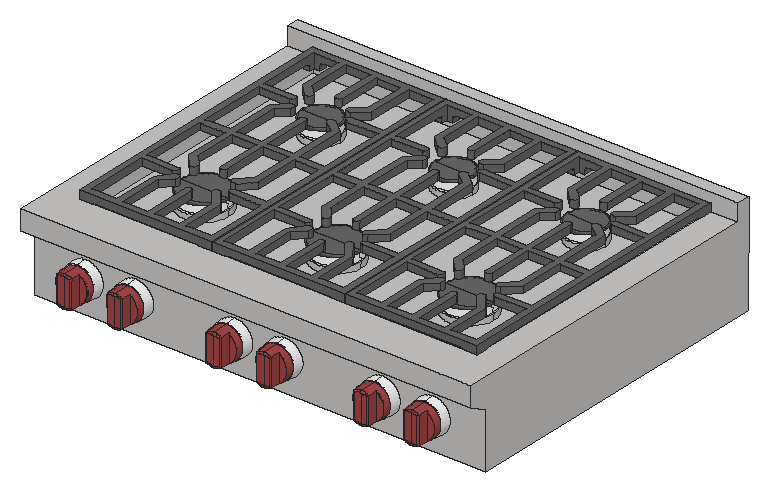
Revit family "15787855bd734dbc9c230706f8046d9d", category Specialty Equipment, Revit 2021
Family settings
  Round Connector Dimension = Use Diameter
  Part Type = Normal
  OmniClass Number = 23.40.40.14
  OmniClass Title = Food Service Equipment
  Work Plane-Based = No
  Always vertical = Yes
  Cut with Voids When Loaded = No
  Shared = No
  Room Calculation Point = No
Parameters (values of type "Burners")
  Width = 2' - 11 7/8"
  Wall Offset = 0' - 0"
  Voltage = 120 V
  Type Comments = ""
  Trim Finish = Appliance - Chrome
  Show Label = yes
  Power Consumption = 500 VA
  Label = "Rangetop"
  Knob Offset = if((Center Burners), 0' 2", 0' 0")  # 0' - 2"
  Knob = Appliance - Plastic - Red
  Height = 0' - 8 1/8"
  Griddle = Appliance - Stainless Steel - Brushed
  Grate Width = (Width - 0' 4 1/4") / 3 - 0' 0 1/32" + 0' 0 1/32"  # 0' - 10.54167"
  Grate Depth = Depth - 0' 4 79/256"  # 1' - 11.25046"
  Description = "Rangetop"
  Depth = 2' - 3.55906"
  Default Elevation = 0' - 0"
  Center Grate = Cook Surface : Burners
  Center Burners = yes
  Burner = Appliance - Burner Cover
  Assembly Code = "E1090320"
  Appliance Finish = Appliance - Stainless Steel - Semi-Polished
  Amperage = Power Consumption / Voltage  # 4.16667 A
Types (3): name | Knob Offset | Grate Depth | Depth | Center Grate | Center Burners
  Burners | 0' - 2" | 1' - 11.25046" | 2' - 3.55906" | Cook Surface : Burners | yes
  Griddle | 0' - 0" | 1' - 11 1/4" | 2' - 3 143/256" | Cook Surface : Griddle | no
  Grill | 0' - 0" | 1' - 11.25046" | 2' - 3.55906" | Cook Surface : Grill | no
Reference planes (in)
  plane 1 "Back": y = 0
  plane 2: z = 0
  plane 3 "Center (Left/Right)": x = 0
  plane 4 "Left": x = -17.9375
  plane 5 "Right": x = 17.9375
  plane 6: y = 0
  plane 7 "Edge": y = -27.55906
  plane 8 "Door Back": y = -24.25197
  plane 9 "Top": z = 8.125
  plane 10 "Burner": z = 6.74705
  plane 11 "Knobs": z = 2.5908
  plane 12 "Door Face": y = -26.14173
  plane 13 "Wheels": y = -4.72441
  plane 14: x = 15.75
  plane 15 "3": x = -15.875
  plane 16: x = -17.9375
  plane 17: x = -2
  plane 18: x = -13.875
  plane 19: x = -9.875
  plane 20: x = 13.75
  plane 21: x = 9.75
  plane 22: z = 5.48957
  plane 23: x = -17.9375
  plane 24: x = 0
  plane 25: y = -37.55906
  plane 26 "1": x = -5.33333
  plane 27 "2": x = 5.20833
  plane 28: y = -2.5
  plane 29: x = 13.4375
  plane 30: x = 10.9375
Forms (in)
  Extrusion 1, void
    sketch origin (0, 0, 8.125) x (-1, 0, 0) y (0, -1, 0)
      loop
        line (15.875, 1) -> (15.875, 24.25197) -> (-15.75, 24.25197) -> (-15.75, 1) -> (15.875, 1)
    from 0 to -2.63543
  Extrusion 2, solid, material "Appliance - Stainless Steel - Semi-Polished" <- "Appliance Finish"
    sketch origin (0, 0, 0) x (0, 1, 0) y (0, 0, 1)
      loop
        line (-1, 8.125) -> (-1, 6.74705) -> (-27.55906, 6.74705) -> (-27.55906, 5.17224) -> (-26.14173, 4.38484) -> (-26.14173, 0) -> (0, 0) -> (0, 8.125) -> (-1, 8.125)
    from -17.9375 to 17.9375
Cuts and joins
  Extrusion 1 cuts Extrusion 2
Lines and regions (in)
  Split face 1
    outline origin (17.9375, 0, 0) x (-1, 0, 0) y (0, 0, 1)
      loop
        circle (5.69799, 4.72441) r 0.5
  Split face 2
    outline origin (17.9375, 0, 0) x (-1, 0, 0) y (0, 0, 1)
      loop
        circle (9.17502, 4.72441) r 0.5
  Split face 3
    outline origin (17.9375, -26.14173, 0) x (0, 1, 0) y (-1, 0, 0)
      loop
        circle (23.64173, 4.1875) r 0.25
  Split face 4
    outline origin (17.9375, -26.14173, 0) x (0, 1, 0) y (-1, 0, 0)
      loop
        circle (23.64173, 7) r 0.25
Dimensions and locks (in)
  equal spacing: plane 4 "Left", plane 3 "Center (Left/Right)", plane 5 "Right"
  "Width": plane 4 "Left" to plane 5 "Right"
  "Depth": plane 6 to plane 7 "Edge"
  "Wall Offset": plane 1 "Back" to plane 6
  locked: plane 8 "Door Back" to plane 7 "Edge" at 3.30709
  locked: plane 9 "Top" to plane 10 "Burner" at 1.37795
  locked: plane 10 "Burner" to plane 11 "Knobs" at 4.15625
  locked: plane 6 to Extrusion 2 sketch curve at 1
  plane 6 to Extrusion 1 sketch curve = 0' - 1"
  locked: plane 7 "Edge" to plane 12 "Door Face" at 1.41732
  plane 6 to plane 13 "Wheels" = 0' - 4.72441"
  locked: plane 14 to plane 5 "Right" at 2.1875
  plane 4 "Left" to plane 15 "3" = 0' - 2 1/16"
  "Width": plane 5 "Right" to plane 16
  plane 15 "3" to plane 17 to plane 14 = 1' - 1 7/8", 1' - 5 3/4"
  locked: plane 9 "Top" to plane 22 at 2.63543
  equal spacing: plane 4 "Left", plane 23, plane 16
  equal spacing: plane 16, plane 24, plane 5 "Right"
  locked: plane 7 "Edge" to plane 25 at 10
  plane 15 "3" to plane 26 "1" to plane 14 = 0' - 10.54167", 1' - 9.08333"  (x2)
  plane 18 to plane 19 = 0' - 4"
  equal spacing: plane 15 "3", plane 26 "1", plane 27 "2", plane 14
  locked: plane 23 to plane 15 "3" at 2.0625
  "Height": plane 9 "Top" to plane 2
  plane 19 to plane 18 to plane 15 "3" = 0' - 4" locked, 0' - 2" locked
  plane 14 to plane 20 to plane 21 = 0' - 2" locked, 0' - 4" locked
  "Knob Offset": plane 3 "Center (Left/Right)" to plane 17
  locked: nested 3 to plane 3 "Center (Left/Right)" at 2
  locked: plane 6 to plane 28 at 2.5
  locked: plane 29 to plane 5 "Right" at 4.5
  locked: plane 30 to plane 29 at 2.5
  radius of Split face 3 sketch curve = 0' - 0 1/4"
  radius of Split face 4 sketch curve = 0' - 0 1/4"
  aligned and locked: plane 2 to level
  aligned and locked: plane 9 "Top" to Extrusion 2 sketch curve
  aligned and locked: plane 5 "Right" to Extrusion 2
  aligned and locked: Extrusion 2 to plane 4 "Left"
  aligned and locked: Extrusion 2 sketch curve to plane 12 "Door Face"
  aligned and locked: plane 7 "Edge" to Extrusion 2 sketch curve
  aligned and locked: plane 10 "Burner" to Extrusion 2 sketch curve
  aligned and locked: Extrusion 2 sketch curve to plane 6
  aligned and locked: plane 12 "Door Face" to nested 2
  aligned and locked: plane 12 "Door Face" to nested 3
  aligned and locked: plane 12 "Door Face" to nested 4
  aligned and locked: nested 2 to plane 11 "Knobs"
  aligned and locked: nested 3 to plane 11 "Knobs"
  aligned and locked: nested 4 to plane 11 "Knobs"
  aligned and locked: plane 12 "Door Face" to nested 5
  aligned and locked: nested 5 to plane 11 "Knobs"
  aligned and locked: plane 15 "3" to Extrusion 1 sketch curve
  aligned and locked: Extrusion 1 sketch curve to plane 14
  aligned and locked: nested 6 to plane 8 "Door Back"
  aligned and locked: nested 7 to plane 11 "Knobs"
  aligned and locked: nested 8 to plane 11 "Knobs"
  aligned and locked: nested 8 to plane 12 "Door Face"
  aligned and locked: nested 7 to plane 12 "Door Face"
  aligned and locked: plane 18 to nested 5
  aligned and locked: plane 19 to nested 4
  aligned and locked: plane 20 to nested 7
  aligned and locked: plane 21 to nested 2
  aligned and locked: plane 22 to nested 6
  aligned and locked: nested 1 to plane 25
  aligned and locked: nested 6 to plane 15 "3"
  aligned and locked: plane 26 "1" to nested 9
  aligned and locked: plane 27 "2" to nested 10
  aligned and locked: plane 8 "Door Back" to nested 9
  aligned and locked: plane 8 "Door Back" to nested 10
  aligned and locked: plane 22 to nested 9
  aligned and locked: plane 22 to nested 10
  aligned and locked: plane 3 "Center (Left/Right)" to nested 1
  aligned and locked: cut or joined group of Extrusion 1, Extrusion 2 to plane 2
  aligned and locked: plane 17 to nested 8
Automatic sketch dimensions
  Extrusion 1 sketch curve to plane 8 "Door Back" = 0' - 0"
  Extrusion 2 sketch curve to plane 10 "Burner" = 0' - 2.3622"
  Extrusion 2 sketch curve to Extrusion 2 sketch curve = 0' - 1.5748"
  Split face 1 sketch curve to cut or joined group of Extrusion 1, Extrusion 2 = 0' - 5.69799"
  Split face 1 sketch curve to cut or joined group of Extrusion 1, Extrusion 2 = 0' - 4.72441"
  Split face 2 sketch curve to cut or joined group of Extrusion 1, Extrusion 2 = 0' - 9.17502"
  Split face 2 sketch curve to cut or joined group of Extrusion 1, Extrusion 2 = 0' - 4.72441"
  level to Extrusion 2 sketch curve = 0' - 0"
  Split face 3 sketch curve to cut or joined group of Extrusion 1, Extrusion 2 = 0' - 2 1/2"
  Split face 3 sketch curve to cut or joined group of Extrusion 1, Extrusion 2 = 0' - 4 3/16"
  Split face 4 sketch curve to cut or joined group of Extrusion 1, Extrusion 2 = 0' - 2 1/2"
  Split face 4 sketch curve to cut or joined group of Extrusion 1, Extrusion 2 = 0' - 7"
  radius of Split face 1 sketch curve = 0' - 0 1/2"
  radius of Split face 2 sketch curve = 0' - 0 1/2"
Nested families (in)
  nested 1: "Label Annotation 3-32" at (0, -37.55906, 0), visible <- "Show Label", type "Label Annotation 3-32"
  nested 2: "Knob" at (9.75, -26.14173, 2.5908), type "Knob", detail levels medium+fine
  nested 3: "Knob" at (2, -26.14173, 2.5908), visible <- "Center Burners", type "Knob", detail levels medium+fine
  nested 4: "Knob" at (-9.875, -26.14173, 2.5908), type "Knob", detail levels medium+fine
  nested 5: "Knob" at (-13.875, -26.14173, 2.5908), type "Knob", detail levels medium+fine
  nested 6: "Cook Surface" at (-10.59751, -12.62674, 5.48957), type "Burners"
  nested 7: "Knob" at (13.75, -26.14173, 2.5908), type "Knob", detail levels medium+fine
  nested 8: "Knob" at (-2, -26.14173, 2.5908), type "Knob", detail levels medium+fine
  nested 9: "Cook Surface" at (-0.05585, -12.62674, 5.48957), type <- "Center Grate", type "Burners"
  nested 10: "Cook Surface" at (10.48582, -12.62674, 5.48957), type "Burners"
Connectors (in)
  electrical at (13.75, -2.5, 0), driven by "Voltage", driven by "Power Consumption"
    settings: on cut or joined group of Extrusion 1, Extrusion 2, index 1, voltage 120 V, apparent load 500 VA, apparent load phase1 0 VA, apparent load phase2 0 VA, apparent load phase3 0 VA, power factor 1, load classification "Appliance", number of poles 1, system type 30, power factor state 1, is connector primary yes, connector utility no, sub classification motor no, connector description "Rangetop Power"
  piping at (10.9375, -2.5, 0), diameter 0.5
    settings: on cut or joined group of Extrusion 1, Extrusion 2, index 2, connector inside diameter 24", connector length 0' - 0", flow factor 0, pipe flow 0 GPM, pressure drop 0.00 psi, fitting loss kfactor 0, connector angle 0.00°, fixture units 0, engagement length 0' - 0", angle of deflection 0.00°, flow configuration 1, flow direction 1, fitting loss method 0, system type 22, joint type 0, gender type 0, connector reference index -1, connector utility 0, adjustable connector no, is connector primary yes, connector description "Rangetop Gas"
Definition of nested family "Knob"
  Parameters
    Material = none
    Default Elevation = 0' - 0"
    Bezel Material = none
  Reference planes (in)
    plane 1 "Center (Front/Back)": y = 0
    plane 2: z = 0
    plane 3 "Center (Left/Right)": x = 0
    plane 4: y = -1.37795
    plane 5: y = -2.16535
  Forms (in)
    Revolve 1, solid, material <- "Material"
      sketch origin (0, 0, 0) x (0, 1, 0) y (0, 0, 1)
        loop
          line (0, 1.37795) -> (-0.7874, 1.29921) -> (-0.7874, 1.25984) -> (-2.07428, 1.22307)
          arc (-2.07428, 1.22307) -> (-2.13884, 1.1947) -> (-2.16535, 1.12936) r 0.09375
          line (-2.16535, 1.12936) -> (-2.16535, 0) -> (0, 0) -> (0, 1.37795)
        axis (0, 0) -> (-2.16535, 0)
      angle from 0 to 360
    Extrusion 2, void
      sketch origin (0, 0, 0) x (1, 0, 0) y (0, 1, 0)
        loop
          line (1.24297, -1.37795) -> (0.59055, -1.37795) -> (0.59055, -2.0716)
          arc (0.59055, -2.0716) -> (0.56309, -2.1379) -> (0.4968, -2.16535) r 0.09375
          line (0.4968, -2.16535) -> (1.24297, -2.16535) -> (1.24297, -1.37795)
        loop
          line (-1.24297, -1.37795) -> (-1.24297, -2.16535) -> (-0.4968, -2.16535)
          arc (-0.4968, -2.16535) -> (-0.56309, -2.1379) -> (-0.59055, -2.0716) r 0.09375
          line (-0.59055, -2.0716) -> (-0.59055, -1.37795) -> (-1.24297, -1.37795)
      from -1.36823 to 1.44523
  Cuts and joins
    Extrusion 2 cuts Revolve 1
  Dimensions and locks (in)
    plane 5 to plane 4 to plane 1 "Center (Front/Back)" = 0' - 0.7874" locked, 0' - 1.37795" locked
    aligned and locked: plane 2 to level
    aligned and locked: Revolve 1 sketch curve to level
    aligned and locked: plane 4 to Extrusion 2 sketch curve
    aligned and locked: Extrusion 2 sketch curve to plane 5
Definition of nested family "Cook Surface"
  Parameters (values of type "Grill")
    ShowGrate = no
    Show Base = yes
    Has Grill = yes
    Has Griddle = no
    Griddle Right Extension = 0' - 1.27352"
    Griddle Left Extension = 0' - 0.83367"
    Griddle = none
    Grate Width = 0' - 10.54167"
    Grate Thickness = 0' - 0 1/2"
    Grate Depth = 1' - 11.25046"
    Grate = none
    Default Elevation = 0' - 0"
    Burner = none
    Has Burners = no
    Show Burners = no
  Types (3): name | ShowGrate | Show Base | Has Grill | Has Griddle | Griddle Right Extension | Griddle Left Extension | Grate Thickness | Has Burners | Show Burners
    Burners | yes | no | no | no | 0' - 0 1/8" | 0' - 0 1/8" | 0' - 0 1/2" | yes | yes
    Grill | no | yes | yes | no | 0' - 1.27352" | 0' - 0.83367" | 0' - 0 1/2" | no | no
    Griddle | no | no | no | yes | 0' - 0 1/8" | 0' - 0 1/8" | 0' - 0.57023" | no | no
  Reference planes (in)
    plane 1 "Center (Front/Back)": y = 0
    plane 2 "Bottom": z = 0
    plane 3 "Center (Left/Right)": x = -0.00665
    plane 4 "T.O. Burner": z = 1.34217
    plane 5 "Back Burner": y = 5.81262
    plane 6 "Front Burner": y = -5.81262
    plane 7: z = 2.43858
    plane 8 "B.O. Grate": z = 0
    plane 9 "T.O. Pan": z = 0.76772
    plane 10 "Back": y = 11.62523
    plane 11 "Front": y = -11.62523
    plane 12 "Left": x = -5.27749
    plane 13 "Right": x = 5.26418
    plane 14 "Surface Bottom": z = 1.8783
    plane 15: x = -2.76707
    plane 16: x = 2.25376
    plane 17: x = 4.76418
    plane 18: x = -4.77749
    plane 19: y = 11.06273
    plane 20: y = 6.06262
    plane 21: y = 0.25
    plane 22: y = -0.25
    plane 23: y = -11.06273
    plane 24: x = -2.26707
    plane 25: x = 2.75376
    plane 26: x = -0.27228
    plane 27: x = 0.24335
    plane 28: y = 5.56262
    plane 29: y = -5.56262
    plane 30: y = -6.06262
    plane 31: x = -4.44381
    plane 32: x = 3.99066
  Forms (in)
    Extrusion 1, void
      sketch origin (17.08036, 13.77842, -33.41886) x (1, 0, 0) y (0, 0, 1)
        loop
          arc (-12.81618, 34.51103) -> (-12.8894, 34.6878) -> (-13.06618, 34.76103) r 0.25
          line (-13.06618, 34.76103) -> (-21.10784, 34.76103)
          arc (-21.10784, 34.76103) -> (-21.28462, 34.6878) -> (-21.35784, 34.51103) r 0.25
          line (-21.35784, 34.51103) -> (-21.35784, 34.18658) -> (-12.81618, 34.18658) -> (-12.81618, 34.51103)
      from 2.15342 to 27.35634
    Extrusion 2, void
      sketch origin (17.08036, 13.77842, -33.41886) x (0, 1, 0) y (0, 0, 1)
        loop
          arc (-3.15319, 34.51103) -> (-3.22641, 34.6878) -> (-3.40319, 34.76103) r 0.25
          line (-3.40319, 34.76103) -> (-24.15365, 34.76103)
          arc (-24.15365, 34.76103) -> (-24.33043, 34.6878) -> (-24.40365, 34.51103) r 0.25
          line (-24.40365, 34.51103) -> (-24.40365, 34.18658) -> (-3.15319, 34.18658) -> (-3.15319, 34.51103)
      from -22.35784 to -11.81618
    Revolve 3, solid, material <- "Burner", visible <- "Show Burners"
      sketch origin (0.0625, 5.81262, -33.41886) x (1, 0, 0) y (0, 0, 1)
        loop
          line (-0.06915, 33.41886) -> (-0.06915, 34.73414) -> (-1.53659, 34.73414)
          arc (-1.53659, 34.73414) -> (-1.6119, 34.65884) -> (-1.53659, 34.58353) r 0.07531
          line (-1.53659, 34.58353) -> (-1.42618, 34.58353) -> (-1.53143, 33.96435) -> (-1.60728, 33.86325) -> (-1.60728, 33.41886) -> (-0.06915, 33.41886)
        axis (-0.06915, 34.73414) -> (-0.06915, 33.41886)
      angle from 0 to 360
    Revolve 4, solid, material <- "Burner", visible <- "Show Burners"
      sketch origin (0, -5.81262, -33.41886) x (1, 0, 0) y (0, 0, 1)
        loop
          line (-0.00665, 33.41886) -> (-0.00665, 34.73414) -> (-1.89597, 34.73414)
          arc (-1.89597, 34.73414) -> (-1.97127, 34.65884) -> (-1.89597, 34.58353) r 0.07531
          line (-1.89597, 34.58353) -> (-1.78555, 34.58353) -> (-1.89081, 33.96435) -> (-1.96666, 33.86325) -> (-1.96666, 33.41886) -> (-0.00665, 33.41886)
        axis (-0.00665, 34.73414) -> (-0.00665, 33.41886)
      angle from 0 to 360
    Extrusion 5, solid, material <- "Grate", visible <- "Show Base", detail levels medium+fine
      sketch origin (0, 0, 0.76772) x (-1, 0, 0) y (0, -1, 0)
        loop
          line (5.27749, -11.62523) -> (5.27749, 11.62523) -> (-5.26418, 11.62523) -> (-5.26418, -11.62523) -> (5.27749, -11.62523)
        loop
          line (4.45725, -10.805) -> (4.45725, 10.805) -> (-4.45168, 10.805) -> (-4.45168, -10.805) -> (4.45725, -10.805)
      from 0 to 1.11058
    Extrusion 6, solid, material <- "Grate", visible <- "Has Grill"
      sketch origin (0, 0, 0) x (1, 0, 0) y (0, 0, 1)
        loop
          line (-5.27749, 1.8783) -> (-4.85071, 1.8783) -> (-4.85071, 2.2618) -> (-5.02749, 2.43858) -> (-5.27749, 2.43858) -> (-5.27749, 1.8783)
        loop
          line (0.1487, 1.8783) -> (0.1487, 2.43858) -> (-0.16201, 2.43858) -> (-0.16201, 1.8783) -> (0.1487, 1.8783)
        loop
          line (-0.47271, 1.8783) -> (-0.47271, 2.43858) -> (-0.78341, 2.43858) -> (-0.78341, 1.8783) -> (-0.47271, 1.8783)
        loop
          line (-1.09412, 1.8783) -> (-1.09412, 2.43858) -> (-1.40482, 2.43858) -> (-1.40482, 1.8783) -> (-1.09412, 1.8783)
        loop
          line (-1.71553, 1.8783) -> (-1.71553, 2.43858) -> (-2.02623, 2.43858) -> (-2.02623, 1.8783) -> (-1.71553, 1.8783)
        loop
          line (-2.33693, 1.8783) -> (-2.33693, 2.43858) -> (-2.64764, 2.43858) -> (-2.64764, 1.8783) -> (-2.33693, 1.8783)
        loop
          line (-2.95834, 1.8783) -> (-2.95834, 2.43858) -> (-3.26905, 2.43858) -> (-3.26905, 1.8783) -> (-2.95834, 1.8783)
        loop
          line (-3.57975, 1.8783) -> (-3.57975, 2.43858) -> (-3.89045, 2.43858) -> (-3.89045, 1.8783) -> (-3.57975, 1.8783)
        loop
          line (-4.20116, 1.8783) -> (-4.20116, 2.43858) -> (-4.51186, 2.43858) -> (-4.51186, 1.8783) -> (-4.20116, 1.8783)
        loop
          line (5.26418, 1.8783) -> (5.26418, 2.43858) -> (5.01418, 2.43858) -> (4.8374, 2.2618) -> (4.8374, 1.8783) -> (5.26418, 1.8783)
        loop
          line (0.4594, 1.8783) -> (0.77011, 1.8783) -> (0.77011, 2.43858) -> (0.4594, 2.43858) -> (0.4594, 1.8783)
        loop
          line (1.08081, 1.8783) -> (1.39151, 1.8783) -> (1.39151, 2.43858) -> (1.08081, 2.43858) -> (1.08081, 1.8783)
        loop
          line (1.70222, 1.8783) -> (2.01292, 1.8783) -> (2.01292, 2.43858) -> (1.70222, 2.43858) -> (1.70222, 1.8783)
        loop
          line (2.32363, 1.8783) -> (2.63433, 1.8783) -> (2.63433, 2.43858) -> (2.32363, 2.43858) -> (2.32363, 1.8783)
        loop
          line (2.94503, 1.8783) -> (3.25574, 1.8783) -> (3.25574, 2.43858) -> (2.94503, 2.43858) -> (2.94503, 1.8783)
        loop
          line (3.56644, 1.8783) -> (3.87715, 1.8783) -> (3.87715, 2.43858) -> (3.56644, 2.43858) -> (3.56644, 1.8783)
        loop
          line (4.18785, 1.8783) -> (4.49856, 1.8783) -> (4.49856, 2.43858) -> (4.18785, 2.43858) -> (4.18785, 1.8783)
      from -11.62523 to 11.62523
    Extrusion 7, solid, material <- "Griddle", visible <- "Has Griddle"
      sketch origin (0, 0, 0.76772) x (-1, 0, 0) y (0, -1, 0)
        loop
          line (5.27749, -11.62523) -> (5.27749, 11.62523) -> (-5.26418, 11.62523) -> (-5.26418, -11.62523) -> (5.27749, -11.62523)
      from 0 to 1.67086
    Extrusion 8, void
      sketch origin (-0.00665, 0, 0) x (0, 1, 0) y (0, 0, 1)
        loop
          line (11.50023, 2.43858) -> (-11.50023, 2.43858) -> (-11.50023, 1.34217) -> (-9.75023, 1.34217) -> (-9.75023, 1.8783) -> (11.50023, 1.8783) -> (11.50023, 2.43858)
      from -4.43716 to 3.99732
    Extrusion 9, solid, material <- "Grate", visible <- "ShowGrate", detail levels fine
      sketch origin (0, 0, 0.76772) x (-1, 0, 0) y (0, -1, 0)
        loop
          line (5.27749, -11.62523) -> (5.27749, 11.62523) -> (-5.26418, 11.62523) -> (-5.26418, -11.62523) -> (5.27749, -11.62523)
        loop
          line (4.77749, -11.06273) -> (4.77749, -6.06262) -> (2.26707, -6.06262)
          arc (2.26707, -6.06262) -> (2.01707, -5.81262) -> (2.26707, -5.56262) r 0.25
          line (2.26707, -5.56262) -> (4.77749, -5.56262) -> (4.77749, -0.25) -> (2.76707, -0.25) -> (2.76707, -4.17988) -> (1.89391, -5.04238)
          arc (1.89391, -5.04238) -> (1.49616, -5.04238) -> (1.49616, -4.64463) r 0.28125
          line (1.49616, -4.64463) -> (2.26707, -3.94689) -> (2.26707, -0.25) -> (0.27228, -0.25) -> (0.27228, -3.98172)
          arc (0.27228, -3.98172) -> (0.01447, -4.23953) -> (-0.24335, -3.98172) r 0.25781
          line (-0.24335, -3.98172) -> (-0.24335, -0.25) -> (-2.25376, -0.25) -> (-2.25376, -3.94689) -> (-1.35786, -4.64463)
          arc (-1.35786, -4.64463) -> (-1.35786, -5.04238) -> (-1.7556, -5.04238) r 0.28125
          line (-1.7556, -5.04238) -> (-2.75376, -4.17988) -> (-2.75376, -0.25) -> (-4.77191, -0.25) -> (-4.77191, -5.56262) -> (-2.25376, -5.56262)
          arc (-2.25376, -5.56262) -> (-2.00376, -5.81262) -> (-2.25376, -6.06262) r 0.25
          line (-2.25376, -6.06262) -> (-4.77191, -6.06262) -> (-4.77191, -11.06273) -> (-2.75376, -11.06273) -> (-2.75376, -7.44535) -> (-1.7556, -6.58285)
          arc (-1.7556, -6.58285) -> (-1.35786, -6.58285) -> (-1.35786, -6.9806) r 0.28125
          line (-1.35786, -6.9806) -> (-2.25376, -7.67834) -> (-2.25376, -11.06273) -> (-0.24335, -11.06273) -> (-0.24335, -7.64351)
          arc (-0.24335, -7.64351) -> (0.01447, -7.3857) -> (0.27228, -7.64351) r 0.25781
          line (0.27228, -7.64351) -> (0.27228, -11.06273) -> (2.26707, -11.06273) -> (2.26707, -7.67834) -> (1.49616, -6.9806)
          arc (1.49616, -6.9806) -> (1.49616, -6.58285) -> (1.89391, -6.58285) r 0.28125
          line (1.89391, -6.58285) -> (2.76707, -7.44535) -> (2.76707, -11.06273) -> (4.77749, -11.06273)
        loop
          line (4.77749, 11.07046) -> (2.76707, 11.07046) -> (2.76707, 7.3952) -> (1.89391, 6.33454)
          arc (1.89391, 6.33454) -> (1.49616, 6.33454) -> (1.49616, 6.73229) r 0.28125
          line (1.49616, 6.73229) -> (2.26707, 7.6282) -> (2.26707, 11.07046) -> (0.27228, 11.07046) -> (0.27228, 7.3952)
          arc (0.27228, 7.3952) -> (0.01447, 7.13739) -> (-0.24335, 7.3952) r 0.25781
          line (-0.24335, 7.3952) -> (-0.24335, 11.07046) -> (-2.25376, 11.07046) -> (-2.25376, 7.86584) -> (-1.35786, 6.73229)
          arc (-1.35786, 6.73229) -> (-1.35786, 6.33454) -> (-1.7556, 6.33454) r 0.28125
          line (-1.7556, 6.33454) -> (-2.75376, 7.63285) -> (-2.75376, 11.07046) -> (-4.77191, 11.07046) -> (-4.77191, 6.06262) -> (-2.25376, 6.06262)
          arc (-2.25376, 6.06262) -> (-2.00376, 5.81262) -> (-2.25376, 5.56262) r 0.25
          line (-2.25376, 5.56262) -> (-4.77191, 5.56262) -> (-4.77191, 0.25) -> (-2.75376, 0.25) -> (-2.75376, 3.84709) -> (-1.7556, 4.90775)
          arc (-1.7556, 4.90775) -> (-1.35786, 4.90775) -> (-1.35786, 4.51) r 0.28125
          line (-1.35786, 4.51) -> (-2.25376, 3.6141) -> (-2.25376, 0.25) -> (-0.24335, 0.25) -> (-0.24335, 3.81771)
          arc (-0.24335, 3.81771) -> (0.01447, 4.07552) -> (0.27228, 3.81771) r 0.25781
          line (0.27228, 3.81771) -> (0.27228, 0.25) -> (2.26707, 0.25) -> (2.26707, 3.6141) -> (1.49616, 4.51)
          arc (1.49616, 4.51) -> (1.49616, 4.90775) -> (1.89391, 4.90775) r 0.28125
          line (1.89391, 4.90775) -> (2.76707, 3.84709) -> (2.76707, 0.25) -> (4.77749, 0.25) -> (4.77749, 5.56262) -> (2.26707, 5.56262)
          arc (2.26707, 5.56262) -> (2.01707, 5.81262) -> (2.26707, 6.06262) r 0.25
          line (2.26707, 6.06262) -> (4.77749, 6.06262) -> (4.77749, 11.07046)
      from 0 to 1.11058
  Cuts and joins
    Extrusion 1, Extrusion 2, Extrusion 8 cuts Extrusion 5
    Extrusion 8 cuts Extrusion 7
    Extrusion 1, Extrusion 2 cuts Extrusion 9
  Dimensions and locks (in)
    equal spacing: plane 10 "Back", plane 5 "Back Burner", plane 1 "Center (Front/Back)", plane 6 "Front Burner", plane 11 "Front"
    "Grate Depth": plane 10 "Back" to plane 11 "Front"
    equal spacing: plane 12 "Left", plane 3 "Center (Left/Right)", plane 13 "Right"
    "Grate Width": plane 12 "Left" to plane 13 "Right"
    locked: plane 7 to plane 14 "Surface Bottom" at 0.56028
    locked: Extrusion 5 sketch curve to plane 11 "Front" at 0.82023
    locked: plane 10 "Back" to Extrusion 5 sketch curve at 0.82023
    locked: Extrusion 5 sketch curve to plane 13 "Right" at 0.8125
    locked: plane 12 "Left" to Extrusion 5 sketch curve at 0.82023
    locked: plane 12 "Left" to Extrusion 6 sketch curve at 0.76563
    locked: Extrusion 6 sketch curve to plane 13 "Right" at 0.76563
    equal spacing: Extrusion 6 sketch curve, Extrusion 6 sketch curve, Extrusion 6 sketch curve, Extrusion 6 sketch curve, Extrusion 6 sketch curve, Extrusion 6 sketch curve, Extrusion 6 sketch curve, Extrusion 6 sketch curve, Extrusion 6 sketch curve, Extrusion 6 sketch curve, Extrusion 6 sketch curve, Extrusion 6 sketch curve, Extrusion 6 sketch curve, Extrusion 6 sketch curve, Extrusion 6 sketch curve, Extrusion 6 sketch curve, Extrusion 6 sketch curve, Extrusion 6 sketch curve, Extrusion 6 sketch curve, Extrusion 6 sketch curve, Extrusion 6 sketch curve, Extrusion 6 sketch curve, Extrusion 6 sketch curve, Extrusion 6 sketch curve, Extrusion 6 sketch curve, Extrusion 6 sketch curve, Extrusion 6 sketch curve, Extrusion 6 sketch curve, Extrusion 6 sketch curve, Extrusion 6 sketch curve
    locked: plane 10 "Back" to Extrusion 8 sketch curve at 0.125
    locked: Extrusion 8 sketch curve to plane 11 "Front" at 0.125
    plane 12 "Left" to cut or joined group of Extrusion 7, Extrusion 8 = 0' - 0.83367"
    cut or joined group of Extrusion 7, Extrusion 8 to plane 13 "Right" = 0' - 1.27352"
    locked: plane 15 to plane 24 at 0.5
    locked: plane 16 to plane 25 at 0.5
    plane 26 to plane 27 = 0' - 0 33/64"  (x2)
    plane 29 to plane 6 "Front Burner" to plane 30 = 0' - 0 1/4" locked, 0' - 0 1/4" locked
    plane 21 to plane 1 "Center (Front/Back)" to plane 22 = 0' - 0 1/4" locked, 0' - 0 1/4" locked
    plane 20 to plane 5 "Back Burner" to plane 28 = 0' - 0 1/4" locked, 0' - 0 1/4" locked
    locked: plane 12 "Left" to Extrusion 1 sketch curve at 1
    locked: Extrusion 1 sketch curve to plane 13 "Right" at 1
    locked: plane 10 "Back" to Extrusion 2 sketch curve at 1
    locked: Extrusion 2 sketch curve to plane 11 "Front" at 1
    "Griddle Left Extension": plane 12 "Left" to plane 31
    "Griddle Right Extension": plane 32 to plane 13 "Right"
    locked: plane 17 to plane 13 "Right" at 0.5
    locked: plane 12 "Left" to plane 18 at 0.5
    equal spacing: plane 18, plane 24, plane 27, plane 25, plane 13 "Right"
    locked: plane 10 "Back" to plane 19 at 0.5625
    locked: plane 23 to plane 11 "Front" at 0.5625
    locked: cut or joined group of Extrusion 7, Extrusion 8 to plane 11 "Front" at 1.875
    plane 12 "Left" to plane 3 "Center (Left/Right)" = 0' - 5.27083"
    plane 3 "Center (Left/Right)" to plane 13 "Right" = 0' - 5.27083"
    aligned and locked: Revolve 4 to plane 8 "B.O. Grate"
    aligned and locked: Revolve 3 to plane 8 "B.O. Grate"
    aligned and locked: Revolve 4 sketch curve to plane 3 "Center (Left/Right)"
    aligned and locked: Revolve 3 sketch curve to plane 3 "Center (Left/Right)"
    aligned and locked: plane 9 "T.O. Pan" to Extrusion 2 sketch curve
    aligned and locked: Extrusion 1 sketch curve to plane 9 "T.O. Pan"
    aligned and locked: Extrusion 5 sketch curve to plane 10 "Back"
    aligned and locked: plane 13 "Right" to Extrusion 5 sketch curve
    aligned and locked: plane 11 "Front" to Extrusion 5 sketch curve
    aligned and locked: Extrusion 5 sketch curve to plane 12 "Left"
    aligned and locked: Extrusion 5 to plane 9 "T.O. Pan"
    aligned and locked: cut or joined group of Extrusion 1, Extrusion 2, Extrusion 5, Extrusion 8 to plane 13 "Right"
    aligned and locked: plane 12 "Left" to cut or joined group of Extrusion 1, Extrusion 2, Extrusion 5, Extrusion 8
    aligned and locked: Extrusion 1 sketch curve to plane 4 "T.O. Burner"
    aligned and locked: plane 4 "T.O. Burner" to Extrusion 2 sketch curve
    aligned and locked: Extrusion 6 sketch curve to plane 7  (x9)
    aligned and locked: plane 7 to Extrusion 6 sketch curve  (x8)
    aligned and locked: Extrusion 6 sketch curve to plane 14 "Surface Bottom"  (x8)
    aligned and locked: plane 14 "Surface Bottom" to Extrusion 6 sketch curve  (x9)
    aligned and locked: Extrusion 6 sketch curve to plane 12 "Left"
    aligned and locked: Extrusion 6 sketch curve to plane 13 "Right"
    aligned and locked: plane 10 "Back" to Extrusion 6
    aligned and locked: Extrusion 7 sketch curve to plane 10 "Back"
    aligned and locked: Extrusion 7 sketch curve to plane 12 "Left"
    aligned and locked: plane 13 "Right" to Extrusion 7 sketch curve
    aligned and locked: plane 11 "Front" to Extrusion 7 sketch curve
    aligned and locked: plane 7 to Extrusion 7
    aligned and locked: Extrusion 8 sketch curve to plane 14 "Surface Bottom"
    aligned and locked: plane 7 to Extrusion 8 sketch curve
    aligned and locked: Extrusion 8 sketch curve to plane 4 "T.O. Burner"
    aligned and locked: cut or joined group of Extrusion 7, Extrusion 8 to plane 9 "T.O. Pan"
    aligned and locked: plane 18 to Extrusion 9 sketch curve  (x2)
    aligned and locked: Extrusion 9 sketch curve to plane 19  (x4)
    aligned and locked: plane 13 "Right" to Extrusion 9 sketch curve
    aligned and locked: Extrusion 9 sketch curve to plane 20
    aligned and locked: plane 20 to Extrusion 9 sketch curve
    aligned and locked: Extrusion 9 sketch curve to plane 28
    aligned and locked: plane 28 to Extrusion 9 sketch curve
    aligned and locked: Extrusion 9 sketch curve to plane 29
    aligned and locked: plane 30 to Extrusion 9 sketch curve
    aligned and locked: plane 29 to Extrusion 9 sketch curve
    aligned and locked: Extrusion 9 sketch curve to plane 30
    aligned and locked: Extrusion 9 to plane 9 "T.O. Pan"
    aligned and locked: plane 14 "Surface Bottom" to Extrusion 9
    aligned and locked: plane 32 to Extrusion 8
    aligned and locked: Extrusion 8 to plane 31
    aligned and locked: Extrusion 6 to plane 11 "Front"
  Automatic sketch dimensions
    Extrusion 2 sketch curve to Extrusion 2 sketch curve = 0' - 0 1/4"  (x2)
    Revolve 3 sketch curve to plane 2 "Bottom" = 0' - 0"
    Revolve 3 sketch curve to plane 3 "Center (Left/Right)" = 0' - 0"
    Revolve 3 sketch curve to plane 4 "T.O. Burner" = 0' - 0.1775"
    Revolve 3 sketch curve to plane 3 "Center (Left/Right)" = 0' - 1.35703"
    Revolve 3 sketch curve to plane 9 "T.O. Pan" = 0' - 0.22222"
    Revolve 3 sketch curve to Revolve 3 sketch curve = 0' - 0.10525"
    Revolve 3 sketch curve to Revolve 3 sketch curve = 0' - 0.11041"
    Revolve 3 sketch curve to plane 9 "T.O. Pan" = 0' - 0.32333"
    Revolve 3 sketch curve to Revolve 3 sketch curve = 0' - 0.07585"
    Revolve 3 sketch curve to Revolve 3 sketch curve = 0' - 0.07531"
    Revolve 3 sketch curve to Revolve 3 sketch curve = 17' - 9.41886"
    plane 7 to Revolve 3 sketch curve = 11' - 11.39256"
    Revolve 4 sketch curve to plane 2 "Bottom" = 0' - 0"
    Revolve 4 sketch curve to plane 3 "Center (Left/Right)" = 0' - 0"
    Revolve 4 sketch curve to plane 4 "T.O. Burner" = 0' - 0.1775"
    Revolve 4 sketch curve to plane 3 "Center (Left/Right)" = 0' - 1.7789"
    Revolve 4 sketch curve to plane 9 "T.O. Pan" = 0' - 0.22222"
    Revolve 4 sketch curve to Revolve 4 sketch curve = 0' - 0.10525"
    Revolve 4 sketch curve to Revolve 4 sketch curve = 0' - 0.11041"
    Revolve 4 sketch curve to plane 9 "T.O. Pan" = 0' - 0.32333"
    Revolve 4 sketch curve to Revolve 4 sketch curve = 0' - 0.07585"
    Revolve 4 sketch curve to Revolve 4 sketch curve = 0' - 0.07531"
    Revolve 4 sketch curve to Revolve 4 sketch curve = 17' - 9.41886"
    plane 7 to Revolve 4 sketch curve = 11' - 11.39256"
    Extrusion 6 sketch curve to plane 12 "Left" = 0' - 0 1/4"
    Extrusion 6 sketch curve to Extrusion 6 sketch curve = 0' - 0.33885"  (x2)
    Extrusion 6 sketch curve to plane 7 = 0' - 0.17678"  (x2)
    Extrusion 6 sketch curve to Extrusion 6 sketch curve = 0' - 0 1/4"
    Extrusion 8 sketch curve to Extrusion 8 sketch curve = 0' - 1 3/4"
    Extrusion 9 sketch curve to plane 21 = 0' - 0"  (x4)
    Extrusion 9 sketch curve to plane 22 = 0' - 0"  (x4)
    Extrusion 9 sketch curve to plane 25 = 0' - 0"  (x4)
    Extrusion 9 sketch curve to plane 16 = 0' - 0"  (x6)
    Extrusion 9 sketch curve to plane 27 = 0' - 0"  (x4)
    Extrusion 9 sketch curve to plane 26 = 0' - 0"  (x4)
    Extrusion 9 sketch curve to plane 24 = 0' - 0"  (x6)
    Extrusion 9 sketch curve to plane 15 = 0' - 0"  (x4)
    Extrusion 9 sketch curve to plane 18 = 0' - 0"  (x2)
    Extrusion 9 sketch curve to plane 10 "Back" = 0' - 0"
    Extrusion 9 sketch curve to plane 12 "Left" = 0' - 0"
    Extrusion 9 sketch curve to plane 11 "Front" = 0' - 0"
    plane 17 to Extrusion 9 sketch curve = 0' - 0.00773"  (x4)
    Extrusion 9 sketch curve to plane 16 = 0' - 0.49816"  (x4)
    Extrusion 9 sketch curve to Extrusion 9 sketch curve = 0' - 0.19887"  (x24)
    Extrusion 9 sketch curve to plane 24 = 0' - 0.77091"  (x4)
    Extrusion 9 sketch curve to Extrusion 9 sketch curve = 0' - 1.61573"  (x2)
    plane 20 to Extrusion 9 sketch curve = 0' - 1.58089"
    Extrusion 9 sketch curve to Extrusion 9 sketch curve = 0' - 0.233"  (x8)
    plane 20 to Extrusion 9 sketch curve = 0' - 0 235/256"  (x2)
    Extrusion 9 sketch curve to plane 28 = 0' - 0.52023"  (x2)
    Extrusion 9 sketch curve to Extrusion 9 sketch curve = 0' - 0.8625"  (x2)
    Extrusion 9 sketch curve to Extrusion 9 sketch curve = 0' - 0.66291"
    Extrusion 9 sketch curve to Extrusion 9 sketch curve = 0' - 1.94852"  (x2)
    plane 29 to Extrusion 9 sketch curve = 0' - 1.74491"
    plane 29 to Extrusion 9 sketch curve = 0' - 1.05261"  (x2)
    Extrusion 9 sketch curve to plane 30 = 0' - 0.27193"  (x2)
    Extrusion 9 sketch curve to plane 30 = 0' - 1.33259"  (x2)
    Extrusion 9 sketch curve to plane 30 = 0' - 1.57023"
    Extrusion 9 sketch curve to plane 23 = 0' - 0.00773"  (x4)
    Extrusion 1 sketch curve to plane 4 "T.O. Burner" = 0' - 0 1/4"
    Extrusion 1 sketch curve to Extrusion 1 sketch curve = 0' - 0 1/4"
Definition of nested family "Label Annotation 3-32"
  Parameters
    Label = "Freezer 36 LH"
  Reference planes (in)
    plane 1: y = 0
    plane 2: x = 0
  Text (in)
    label "Label" at (0.00375, -0.00345, 0), shows "Label"
